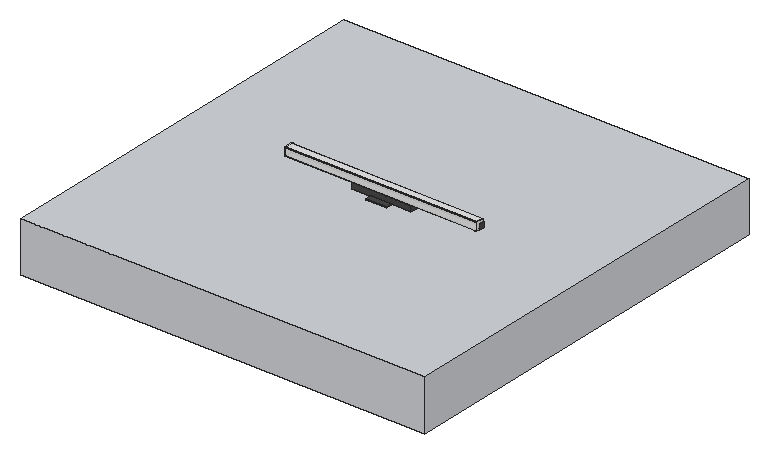
Revit family "3-536-xx - Adelphi Vanity", category Luminarias, Revit 2021
Family settings
  Anfitrión = Cara
  Cota de conector redondo = Diámetro de uso
  Tipo de pieza = Normal
  Corte con vacíos al cargar = No
  Origen de luz = Sí
  Compartido = No
  Punto de cálculo de habitación = No
Parameters (values of type "3-536-15 / Black - Matte White Acrylic")
  Comentarios de vataje = "15.00W at 120 V"  # constant formula
  Wattage = 15 W
  built-in parameter 1150110 = 1 (stored number, unit not read)
  Voltage Input [instance] = "120 V or 277 V - 50/60 Hz"  # constant formula
  Voltage = 120 V
  URL = "www.oxygenlighting.com"
  built-in parameter 1114217 = 1 (stored number, unit not read)
  Tilt Angle = 0.00°
  built-in parameter 1150109 = 1 (stored number, unit not read)
  built-in parameter 1150134 = (empty or 0)
  built-in parameter 1150113 = 1 (stored number, unit not read)
  References [instance] = "Ref. 3 = 120 V / Ref. 37 = 277 V"  # constant formula
  Archivo de red fotométrica = "3-537 Adelphi Vanity.ies"
  Modelo = "3-537-xx - 37-537-xx - Adelphi Vanity"  # constant formula
  Metal Finish = 15 - Black
  Fabricante = "Oxygen - Lighting & Fans"  # constant formula
  Main Diffuser = Matte White Acrylic
  built-in parameter 1150105 = 100.15 (stored number, unit not read)
  Lumens = 1258.5 lm
  built-in parameter 1150115 = 1 (stored number, unit not read)
  built-in parameter 1150137 = (empty or 0)
  built-in parameter 1150139 = (empty or 0)
  built-in parameter 1150112 = 1 (stored number, unit not read)
  built-in parameter 1150114 = 1 (stored number, unit not read)
  Lámpara = "LED Array"  # constant formula
  built-in parameter 1150132 = (empty or 0)
  built-in parameter 1150102 = (empty or 0)
  built-in parameter 1150107 = 3000 (stored number, unit not read)
  built-in parameter 1150138 = (empty or 0)
  built-in parameter 1150106 = 1.0015 (stored number, unit not read)
  Anchura rectángulo de emisión = 22.00"  # constant formula
  Emit from Rectangle Length = 1.00"  # constant formula
  Emit Shape Visible in Rendering = no
  built-in parameter 1150104 = 7.7946 (stored number, unit not read)
  Dimming Lamp Color Temperature Shift = (empty or 0)
  Default Elevation = 0.00"
  Color Filter = 16777215
  Longitud de rectángulo de emisión = 12.00"
  built-in parameter 1150133 = 10 (stored number, unit not read)
Types (5): name | Metal Finish
  (no name) | 15 - Black
  3-536-24 / Satin Nickel - Matte White Acrylic | 24 - Satin Nickel
  3-536-22 / Oiled Bronze - Matte White Acrylic | 22- Oiled Bronze
  3-536-40 / Aged Brass - Matte White Acrylic | 40 - Aged Brass
  3-536-15 / Black - Matte White Acrylic | 15 - Black
Reference planes (in)
  plane 1 "Center (Front/Back)": y = 0
  plane 2: z = 0
  plane 3 "Center (Left/Right)": x = 0
  plane 4 "M.C.": y = 0
  plane 5 "Light Source Height": y = 0
  plane 6 "Light Source Ext.": z = 2.5
Forms (in)
  Extrusion 1, solid
    sketch origin (0, 0, 0) x (1, 0, 0) y (0, 1, 0)
      loop
        line (-48, 48) -> (-48, -48) -> (48, -48) -> (48, 48) -> (-48, 48)
    from 0 to -12
Dimensions and locks (in)
  aligned and locked: plane 2 to Extrusion 1
  aligned and locked: level to Extrusion 1
  aligned and locked: imposter light to plane 5 "Light Source Height"
  aligned and locked: plane 6 "Light Source Ext." to imposter light
  aligned and locked: plane 3 "Center (Left/Right)" to imposter light
Nested families (in)
  nested 1: "3-537 Adelphi" at (0, 0, 0), type "3-537 Adelphi"
Connectors (in)
  electrical at (0, 0.00073, 0), driven by "Voltage"
    settings: on nested 1, index 1, voltage 120 V, apparent load 0 VA, apparent load phase1 0 VA, apparent load phase2 0 VA, apparent load phase3 0 VA, power factor 1, load classification "Other", number of poles 1, system type 31, power factor state 1, is connector primary yes, connector utility no, sub classification motor no, connector description ""
Definition of nested family "3-537 Adelphi"
  Parameters (values of type "3-537 Adelphi")
    Others 2 = none
    Others 1 = none
    Metal Finish = none
    Main Diffuser = none
    Default Elevation = 0.00"
    2nd Diffuser = none
  Reference planes (in)
    plane 1 "Center (Front/Back)": y = 0
    plane 2: z = 0
    plane 3 "Center (Left/Right)": x = 0
    plane 4: y = 0
  Forms (in)
    Extrusion 1, solid, material <- "Main Diffuser"
      sketch origin (0, 0.00073, 0.1514) x (0, 1, 0) y (0, 0, 1)
        loop
          arc (0.92027, 1.2286) -> (0.97275, 1.25034) -> (0.99449, 1.30282) r 0.07422
          line (0.99449, 1.30282) -> (0.99449, 3.15528)
          arc (0.99449, 3.15528) -> (0.97302, 3.20713) -> (0.92117, 3.2286) r 0.07332
          line (0.92117, 3.2286) -> (-0.93129, 3.2286)
          arc (-0.93129, 3.2286) -> (-0.98377, 3.20687) -> (-1.00551, 3.15439) r 0.07422
          line (-1.00551, 3.15439) -> (-1.00551, 1.30282)
          arc (-1.00551, 1.30282) -> (-0.98377, 1.25034) -> (-0.93129, 1.2286) r 0.07422
          line (-0.93129, 1.2286) -> (0.92027, 1.2286)
      from -22.8125 to 22.8125
    Extrusion 2, solid, material <- "Metal Finish"
      sketch origin (0, 0.00073, 0) x (1, 0, 0) y (0, 1, 0)
        loop
          line (-2.375, 2.375) -> (-2.375, -2.375) -> (2.375, -2.375) -> (2.375, 2.375) -> (-2.375, 2.375)
      from 0 to 0.14844
    Extrusion 3, solid, material <- "Metal Finish"
      sketch origin (-12.09375, 0.00073, 0) x (0, 1, 0) y (0, 0, 1)
        loop
          line (0.56104, 3.00545) -> (-0.5625, 3.00545)
          arc (-0.5625, 3.00545) -> (-0.60669, 2.98714) -> (-0.625, 2.94295) r 0.0625
          line (-0.625, 2.94295) -> (-0.625, 1.81795)
          arc (-0.625, 1.81795) -> (-0.60669, 1.77375) -> (-0.5625, 1.75545) r 0.0625
          line (-0.5625, 1.75545) -> (0.5625, 1.75545)
          arc (0.5625, 1.75545) -> (0.60669, 1.77375) -> (0.625, 1.81795) r 0.0625
          line (0.625, 1.81795) -> (0.625, 2.94149)
          arc (0.625, 2.94149) -> (0.60627, 2.98672) -> (0.56104, 3.00545) r 0.06396
      from -10.71875 to -11.09375
    Extrusion 4, solid, material <- "Metal Finish"
      sketch origin (12.09375, 0.00073, 0) x (0, 1, 0) y (0, 0, -1)
        loop
          arc (0.56104, -3.00545) -> (0.60627, -2.98672) -> (0.625, -2.94149) r 0.06396
          line (0.625, -2.94149) -> (0.625, -1.81795)
          arc (0.625, -1.81795) -> (0.60669, -1.77375) -> (0.5625, -1.75545) r 0.0625
          line (0.5625, -1.75545) -> (-0.5625, -1.75545)
          arc (-0.5625, -1.75545) -> (-0.60669, -1.77375) -> (-0.625, -1.81795) r 0.0625
          line (-0.625, -1.81795) -> (-0.625, -2.94295)
          arc (-0.625, -2.94295) -> (-0.60669, -2.98714) -> (-0.5625, -3.00545) r 0.0625
          line (-0.5625, -3.00545) -> (0.56104, -3.00545)
      from -10.71875 to -11.09375
    Extrusion 5, solid, material <- "Metal Finish"
      sketch origin (0, 0.00073, 0) x (0, 1, 0) y (0, 0, 1)
        loop
          line (0.80949, 1.38) -> (-0.82051, 1.38) -> (-0.82051, 0) -> (0.80949, 0) -> (0.80949, 1.38)
      from -7.0625 to 7.0625
    Extrusion 6, void
      sketch origin (0, 0.00073, 0) x (0, 1, 0) y (0, 0, 1)
        loop
          line (0.86449, 1.51) -> (0.86449, 3.25) -> (-0.87551, 3.25) -> (-0.87551, 1.51) -> (0.86449, 1.51)
      from -22.6271 to 22.6271
    Extrusion 7, void
      sketch origin (0, 0.00073, 0) x (1, 0, 0) y (0, 1, 0)
        loop
          line (-2.375, -1.51696) -> (2.375, -1.51696) -> (2.375, 1.48304) -> (-2.375, 1.48304) -> (-2.375, -1.51696)
      from 0 to 0.14844
  Cuts and joins
    Extrusion 7 cuts Extrusion 5
    Extrusion 6 cuts Extrusion 1
  Lines and regions (in)
    model lines
      curve 1: line (-4, 0, 0) -> (4, 0, 0)
      curve 2: line (0, -4, 0) -> (0, 4, 0)
    symbolic lines
      curve 3: circle (0, 0, 0) r 2 normal (0, 0, 1)
    model lines, not visible
      curve 4: line (-13.0722, 21.77075, 0) -> (-5.0722, 21.77075, 0)
      curve 5: line (-9.0722, 17.77075, 0) -> (-9.0722, 25.77075, 0)
    symbolic lines, not visible
      curve 6: circle (-9.0722, 21.77075, 0) r 2 normal (0, 0, 1)
  Text (in)
    text "M.C." at (0.88973, 1.62995, 0), in view "Ref. Level"
    text "M.C." at (-8.18247, 23.4007, 0), in view "Ref. Level", not visible
  Dimensions and locks (in)
    aligned and locked: plane 2 to level
